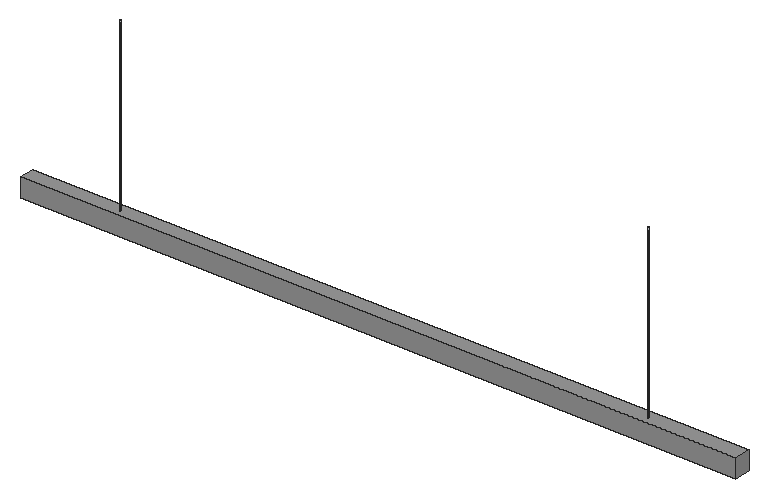
Revit family "HALIMALED_DALI_41_3000MM_4000k", category Lighting Fixtures, host Ceiling, Revit 2021
Family settings
  Host = Ceiling
  Round Connector Dimension = Use Diameter
  Part Type = Normal
  OmniClass Number = 23.80.70.11
  OmniClass Title = Luminaries for Internal Lighting
  Always vertical = Yes
  Cut with Voids When Loaded = No
  Light Source = Yes
  Shared = No
  Room Calculation Point = No
Parameters (values of type "Type 1")
  Wattage = 56.0111 W
  built-in parameter 1150110 = 1 (stored number, unit not read)
  Type de lampe = "LED Sanan"
  Type = "Profilé en saillie/suspension"
  built-in parameter 1114217 = 1 (stored number, unit not read)
  Tilt Angle = 90.00°
  Tension = "AC 220-240V"
  built-in parameter 1150109 = 1 (stored number, unit not read)
  built-in parameter 1150134 = 12
  built-in parameter 1150113 = 1 (stored number, unit not read)
  SDCM = "<3"
  Puissance nominale = "80W"
  Photometric Web File = "google_eulumdat_converter (3).ies"
  Matériau = "Aluminium anodisé"
  Maintien du flux = "L80B10 (50 000 heures)"
  Lumens = 8320 lm
  built-in parameter 1150115 = 1 (stored number, unit not read)
  built-in parameter 1150105 = 662.08 (stored number, unit not read)
  built-in parameter 1150137 = (empty or 0)
  built-in parameter 1150139 = (empty or 0)
  built-in parameter 1150112 = 1 (stored number, unit not read)
  built-in parameter 1150114 = 1 (stored number, unit not read)
  built-in parameter 1150132 = 2
  built-in parameter 1150102 = (empty or 0)
  built-in parameter 1150138 = (empty or 0)
  built-in parameter 1150107 = 4000 (stored number, unit not read)
  built-in parameter 1150106 = 6.6208 (stored number, unit not read)
  IRC = ">80"
  Fintion = "Gris aluminium"
  Emit from Line Length = 609.6 mm
  built-in parameter 1150104 = 13.8 (stored number, unit not read)
  Durée de vie = "50 000 heures"
  Driver = "Driver Tridonic en version 230V on/off et Boke en DALI"
  Dimming Lamp Color Temperature Shift = <None>
  Dimensions = "63x78 mm, L = 3000 mm"
  Diffuseur = "Capot diffusant microprismatique"
  Default Elevation = 0 mm
  Color Filter = 16777215
  built-in parameter 1114218 = 1 (stored number, unit not read)
  built-in parameter 1150133 = 10 (stored number, unit not read)
  Angle d'éclairage = "90°"
Reference planes
  plane 1 "Light Source Axis (F/B)": y = 0
  plane 2: z = 0
  plane 3 "Light Source Axis (L/R)": x = 0
  plane 4 "Ceiling": z = 4000
  plane 5 "Light Source Elevation": z = 3246.255
Forms (mm)
  Extrusion 1, solid, material "Aluminium anodisé"
    sketch origin (0, 0, 0) x (0, 1, 0) y (0, 0, 1)
      loop
        line (31.5, 3211) -> (31.5, 3289) -> (-31.5, 3289) -> (-31.5, 3211) -> (-26.5, 3211) -> (-26.5, 3286) -> (26.5, 3286) -> (26.5, 3211) -> (31.5, 3211)
    from -1500 to 1500
  Extrusion 2, solid, material "Aluminium anodisé"
    sketch origin (0, 0, 0) x (1, 0, 0) y (0, 0, 1)
      loop
        line (1500, 3289) -> (1495, 3289) -> (1495, 3211) -> (1500, 3211) -> (1500, 3289)
      loop
        line (-1500, 3289) -> (-1500, 3211) -> (-1495, 3211) -> (-1495, 3289) -> (-1500, 3289)
    from -31.5 to 31.5
  Extrusion 3, solid, material "Glass, White, High Luminance"
    sketch origin (0, 0, 0) x (1, 0, 0) y (0, 0, 1)
      loop
        line (1495, 3211) -> (1495, 3214) -> (-1495, 3214) -> (-1495, 3211) -> (1495, 3211)
    from -26.5 to 26.5
  Extrusion 4, solid
    sketch origin (-284.974, 0, 4000) x (0, -1, 0) y (1, 0, 0)
      loop
        circle (0, 1391.423) r 3
    from 0 to -711
  Extrusion 5, solid
    sketch origin (284.974, 0, 4000) x (0, 1, 0) y (-1, 0, 0)
      loop
        circle (0, 1391.423) r 3
    from 0 to -711
Cuts and joins
  joined: Extrusion 1, Extrusion 2
Lines and regions (mm)
  reference lines
    curve 1: line (0, 0, 3250) -> (0, 0, 3289)
    curve 2: line (0, 0, 3289) -> (-1500, 0, 3289)
    curve 3: line (-1500, 0, 3289) -> (-1500, 0, 3211)
    curve 4: line (-1500, 0, 3211) -> (1500, 0, 3211)
    curve 5: line (1500, 0, 3211) -> (1500, 0, 3289)
    curve 6: line (1500, 0, 3289) -> (0, 0, 3289)
    curve 7: line (0, 0, 3211) -> (0, -31.5, 3211)
    curve 8: line (0, -31.5, 3211) -> (0, -31.5, 3289)
    curve 9: line (0, -31.5, 3289) -> (0, 31.5, 3289)
    curve 10: line (0, 31.5, 3289) -> (0, 31.5, 3211)
    curve 11: line (0, 31.5, 3211) -> (0, 0, 3211)
Dimensions and locks
  equal spacing: host sketch curve, plane 3 "Light Source Axis (L/R)", host sketch curve
  equal spacing: host sketch curve, plane 1 "Light Source Axis (F/B)", host sketch curve
  host sketch curve to host sketch curve = 4000 mm  (x2)
  plane 4 "Ceiling" to host ceiling = 0 mm
  aligned and locked: plane 1 "Light Source Axis (F/B)" to imposter light
  aligned and locked: plane 5 "Light Source Elevation" to imposter light
